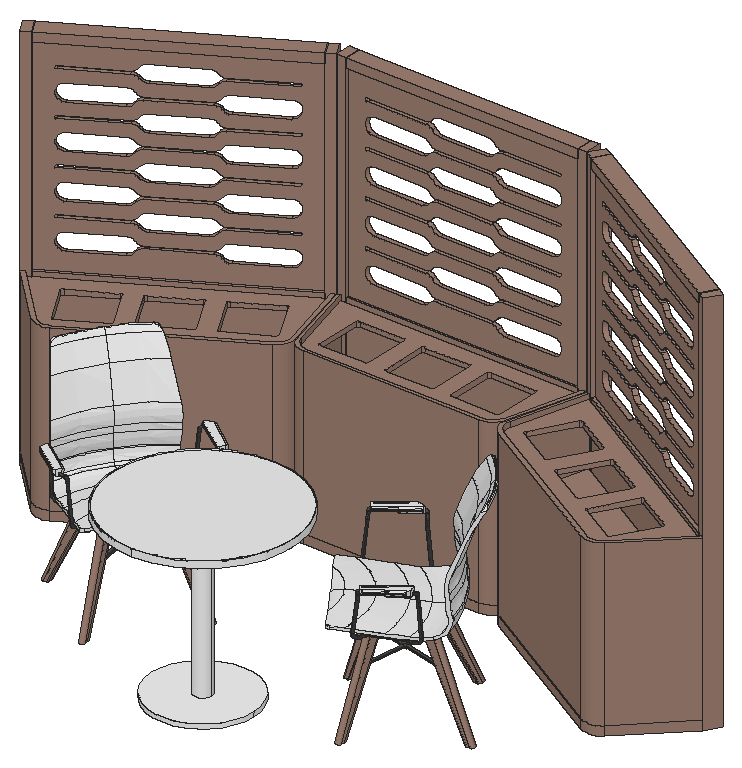
Revit family "OFS TYPICAL S200187", category Furniture, Revit 2022
Family settings
  OmniClass Number = 23.40.20.00
  OmniClass Title = General Furniture and Specialties
  Work Plane-Based = No
  Always vertical = Yes
  Cut with Voids When Loaded = No
  Render Appearance Source = Family Geometry
  Shared = No
  Room Calculation Point = No
Parameters (values of type "S200187")
  URL = "http://ofs.com/"
  Model = "S200187"
  Manufacturer = "OFS"
  Description = "OFS TYPICAL S200187"
  Default Elevation = 0' - 0"
  Copyright © = "©OFS 2024"
  Catalog = ""
  Authoring Version = "Autodesk Revit 2018"
  Assembly Code = "E2020200"
Reference planes
  plane 1 "Center Front/Back": y = 0
  plane 2: z = 0
  plane 3 "Center Left/Right": x = 0
Dimensions and locks
  nested 2 to nested 1 = 4' - 9.02251"
  aligned and locked: level to plane 2
Nested families
  nested 1: "OFS APPLAUSE ROUND TABLE WITH BASE A30R + MCB-17" at (0, -1017.704, 0), type "30in Round Table w Base"
  nested 2: "OFS HYDRA Tessellate Single Planters" at (0, -172.823, 0), type "Low Frame Single Planter Slat Infill - Wave"
  nested 3: "OFS HYDRA Tessellate Single Planters" at (-918.487, -418.627, 0) x (-0.866, -0.5, 0) z (0, 0, 1), type "Low Frame Single Planter Slat Infill - Wave"
  nested 4: "OFS HYDRA Tessellate Single Planters" at (918.487, -418.627, 0) x (0.866, -0.5, 0) z (0, 0, 1), type "Low Frame Single Planter Slat Infill - Wave"
  nested 5: "OFS HARPIN CHAIR - Plastic- 4 Legs Wood Base - Mid Back" at (567.429, -1068.987, 0) x (0.5736, -0.8192, 0) z (0, 0, 1), type "Plastic - 4 Legs Wood Base - Mid Back"
    with Arms Option yes
  nested 6: "OFS HARPIN CHAIR - Plastic- 4 Legs Wood Base - Mid Back" at (-567.429, -1068.987, 0) x (-0.5736, -0.8192, 0) z (0, 0, 1), type "Plastic - 4 Legs Wood Base - Mid Back"
    with Arms Option yes
Definition of nested family "OFS APPLAUSE ROUND TABLE WITH BASE A30R + MCB-17"
  Parameters (values of type "30in Round Table w Base")
    URL = "https://ofs.com/"
    Table Diameter = 2' - 6"
    Top Worksurface Finish = none
    Radius = Table Diameter / 2 - 0' 0 1/8"  # 1' - 2 7/8"
    Model = "A30R + MCB-17"
    Manufacturer = "OFS"
    Edge Finish = none
    Description = "OFS APPLAUSE 30\" Round Table Top with 17\" Round Base"
    Default Elevation = 0' - 0"
    Copyright © = "©OFS 2019"
    Catalog = "https://ofs.com/products/tables/training/applause"
    Base Finish = none
    Base Height = if(Table Diameter < 2' 1", 3' 5 1/4", 2' 3 3/4")  # 2' - 3 3/4"
    Base Depth = if(Table Diameter < 2' 7", 2' 0 3/8", if(Table Diameter < 3' 1", 2' 6 3/8", 3' 0 7/8"))  # 2' - 0 3/8"
    Authoring Version = "Autodesk Revit Architecture 2015"
    Assembly Code = "E2020200"
  Reference planes
    plane 1: z = 0
    plane 2 "Center Left/Right": x = 0
    plane 3 "SURFACE TOP": z = 733.425
    plane 4 "BASE HEIGHT": z = 704.85
    plane 5 "FRONT": y = -381.241
    plane 6: x = 381
    plane 7: x = -381
    plane 8: z = 19.05
    plane 9: z = 700.25
  Forms (mm)
    Sweep 1, solid, material <- "Edge Finish"
      path origin (0, 0, 704.85) x (0, 1, 0) y (-1, 0, 0)
        loop
          circle (-381.241, 0) r 377.825
      profile origin (-377.825, -381.241, 704.85) x (1, 0, 0) y (0, 0, 1)
        loop
          line (0, 3.175) -> (0, 25.4)
          arc (0, 25.4) -> (-0.93, 27.645) -> (-3.175, 28.575) r 3.175
          line (-3.175, 28.575) -> (-3.175, 0)
          arc (-3.175, 0) -> (-0.93, 0.93) -> (0, 3.175) r 3.175
    Extrusion 2, solid, material <- "Top Worksurface Finish"
      sketch origin (0, 0, 704.85) x (0, 1, 0) y (-1, 0, 0)
        loop
          circle (-381.241, 0) r 377.825
      from 0 to 28.575
    Extrusion 3, solid, material <- "Base Finish"
      sketch origin (0, 0, 0) x (1, 0, 0) y (0, 1, 0)
        loop
          circle (0.045, -381.287) r 215.9
      from 0 to 19.05
    Extrusion 4, solid, material <- "Base Finish"
      sketch origin (0, 0, 0) x (1, 0, 0) y (0, 1, 0)
        loop
          circle (0.033, -381.241) r 38.1
      from 19.05 to 700.25
    Extrusion 5, solid, material <- "Base Finish"
      sketch origin (0, 0, 704.85) x (0, 1, 0) y (-1, 0, 0)
        loop
          line (-228.841, 152.4) -> (-533.641, 152.4) -> (-533.641, -152.4) -> (-228.841, -152.4) -> (-228.841, 152.4)
      from -4.6 to 0
  Cuts and joins
    joined: Extrusion 3, Extrusion 4, Extrusion 5
  Lines and regions (mm)
    Masking region 1
      outline origin (0, 0, 0) x (1, 0, 0) y (0, 1, 0)
        loop
          circle (0, -381.241) r 381
  Dimensions and locks
    "Base Height": plane 4 "BASE HEIGHT" to plane 1
    "Table Diameter": plane 7 to plane 6
    equal spacing: plane 7, plane 2 "Center Left/Right", plane 6
    locked: plane 8 to plane 1 at 19.05
    plane 3 "SURFACE TOP" to plane 4 "BASE HEIGHT" to plane 9 = 0' - 1 1/8" locked, 0' - 0.18111" locked
    "Radius": radius of Sweep 1 sketch curve
    "Radius": radius of Extrusion 2 sketch curve
    aligned and locked: Extrusion 2 to plane 4 "BASE HEIGHT"
    aligned and locked: plane 3 "SURFACE TOP" to Extrusion 2
    aligned and locked: plane 6 to Masking region 1 sketch curve
    aligned and locked: plane 7 to Masking region 1 sketch curve
    aligned and locked: Extrusion 2 to plane 3 "SURFACE TOP"
    aligned and locked: plane 4 "BASE HEIGHT" to Sweep 1
    aligned and locked: Extrusion 3 to plane 1
    aligned and locked: plane 8 to Extrusion 3
    aligned and locked: plane 4 "BASE HEIGHT" to Extrusion 5
    aligned and locked: Extrusion 5 to plane 9
    aligned and locked: Extrusion 4 to plane 8
    aligned and locked: plane 9 to Extrusion 4
  Automatic sketch dimensions
    Sweep 1 sketch curve to plane 4 "BASE HEIGHT" = 0' - 0"  (x2)
    Sweep 1 sketch curve to profile plane = 0' - 0"
    profile plane to Sweep 1 sketch curve = 0' - 0 1/8"  (x2)
    Sweep 1 sketch curve to Sweep 1 sketch curve = 0' - 0"  (x2)
    Sweep 1 sketch curve to Sweep 1 sketch curve = 0' - 0 7/8"
    Sweep 1 sketch curve to plane 2 "Center Left/Right" = 0' - 0"
    plane 5 "FRONT" to Sweep 1 sketch curve = 0' - 0"
    Extrusion 2 sketch curve to plane 2 "Center Left/Right" = 0' - 0"
    plane 5 "FRONT" to Extrusion 2 sketch curve = 0' - 0"
    Masking region 1 sketch curve to Masking region 1 sketch curve = 0' - 0"
    plane 5 "FRONT" to Masking region 1 sketch curve = 0' - 0"
    plane 5 "FRONT" to Extrusion 4 sketch curve = 0' - 0"
    plane 2 "Center Left/Right" to Extrusion 4 sketch curve = 0' - 0.00129"
    plane 5 "FRONT" to Extrusion 5 sketch curve = 0' - 6"
    Extrusion 5 sketch curve to plane 5 "FRONT" = 0' - 6"
    plane 2 "Center Left/Right" to Extrusion 5 sketch curve = 0' - 6"
    Extrusion 5 sketch curve to plane 2 "Center Left/Right" = 0' - 6"
    plane 2 "Center Left/Right" to Extrusion 3 sketch curve = 0' - 0.00179"
    plane 5 "FRONT" to Extrusion 3 sketch curve = 0' - 0.00179"
    radius of Extrusion 4 sketch curve = 0' - 1 1/2"
    radius of Extrusion 3 sketch curve = 0' - 8 1/2"
Definition of nested family "OFS HYDRA Tessellate Single Planters"
  Parameters (values of type "Low Frame Single Planter Metal Infill")
    Width = 42' - 0"
    WAVE Low = no
    WAVE High = no
    URL = "https://ofs.com/"
    Metal Frame Low = yes
    Metal Frame High = no
    Panel Low = no
    Panel High = no
    Metal Frame Bottom = yes
    Mesh Material = none
    Low Wire Frame = yes
    Low Frame = yes
    Metal Frame = none
    High Wire Frame = no
    HZTL Low = no
    HZTL High = no
    Grill Frame = no
    High Frame = no
    Default Elevation = 0' - 0"
    DIAG Low = no
    DIAG High = no
    Chasis Material = none
    Model = "HY-4218M-72"
    Manufacturer = "OFS"
    Leg Glides Material = none
    Height = 65' - 6"
    Description = "OFS HYDRA Tessellate Low Frame Single Planter Metal Infill"
    Depth = 17' - 6"
    Copyright © = "©OFS 2023"
    Catalog = ""
    CIRC Low = no
    CIRC High = no
    Authoring Version = "Autodesk Revit Architecture 2015"
    Assembly Code = "E2020200"
    Panel Material = none
  Types (16): name | WAVE Low | WAVE High | Metal Frame Low | Metal Frame High | Panel Low | Panel High | Metal Frame Bottom | Low Wire Frame | Low Frame | High Wire Frame | HZTL Low | HZTL High | Grill Frame | High Frame | DIAG Low | DIAG High | Model | Height | Description | CIRC Low | CIRC High
    Low Frame Single Planter Slat Infill - Wave | yes | no | no | no | no | no | no | no | yes | no | no | no | no | no | no | no | "HY-4218MS-72" | 65' - 6" | "OFS HYDRA Tessellate Low Frame Single Planter Slat Infill" | no | no
    High Frame Single Planter Slat Infill - Wave | no | yes | no | no | no | no | no | no | no | no | no | no | no | yes | no | no | "HY-4218MS-90" | 83' - 6" | "OFS HYDRA Tessellate High Frame Single Planter Slat Infill" | no | no
    Low Frame Single Planter Metal Infill | no | no | yes | no | no | no | yes | yes | yes | no | no | no | no | no | no | no | "HY-4218M-72" | 65' - 6" | "OFS HYDRA Tessellate Low Frame Single Planter Metal Infill" | no | no
    High Frame Single Planter Metal Infill | no | no | no | yes | no | no | yes | yes | no | yes | no | no | no | yes | no | no | "HY-4218M-90" | 83' - 6" | "OFS HYDRA Tessellate High Frame Single Planter Metal Infill" | no | no
    Low Frame Single Planter Grill infill - Veneer/Paint Low | no | no | no | no | yes | no | no | no | yes | no | no | no | yes | no | no | no | "HY-4218V-72" | 65' - 6" | "OFS HYDRA Tessellate Low Frame Single Planter Grill infill - Veneer/Paint Low" | no | no
    High Frame Single Planter Grill infill - Veneer/Paint High | no | no | no | no | no | yes | no | no | yes | no | no | no | yes | yes | no | no | "HY-4218V-90" | 83' - 6" | "OFS HYDRA Tessellate High Frame Single Planter Grill infill - Veneer/Paint High" | no | no
    High Frame Single Planter Grill infill - HPL | no | no | no | no | no | yes | no | no | yes | no | no | no | yes | yes | no | no | "HY-4218L-90" | 83' - 6" | "OFS HYDRA Tessellate High Frame Single Planter Grill infill - HPL" | no | no
    Low Frame Single Planter Grill infill - HPL | no | no | no | no | yes | no | no | no | yes | no | no | no | yes | no | no | no | "HY-4218L-72" | 65' - 6" | "OFS HYDRA Tessellate Low Frame Single Planter Grill infill - HPL" | no | no
    Low Frame Single Planter Grill infill - Acrylic | no | no | no | no | yes | no | no | no | yes | no | no | no | yes | no | no | no | "HY-4218A-72" | 65' - 6" | "OFS HYDRA Tessellate Low Frame Single Planter Grill infill - Acrylic" | no | no
    High Frame Single Planter Grill infill - Acrylic | no | no | no | no | no | yes | no | no | yes | no | no | no | yes | yes | no | no | "HY-4218A-90" | 83' - 6" | "OFS HYDRA Tessellate High Frame Single Planter Grill infill - Acrylic" | no | no
    Low Frame Single Planter Slat Infill - Diagonal | no | no | no | no | no | no | no | no | yes | no | no | no | no | no | yes | no | "HY-4218MS-72" | 65' - 6" | "OFS HYDRA Tessellate Low Frame Single Planter Slat Infill" | no | no
    Low Frame Single Planter Slat Infill - Circles | no | no | no | no | no | no | no | no | yes | no | no | no | no | no | no | no | "HY-4218MS-72" | 65' - 6" | "OFS HYDRA Tessellate Low Frame Single Planter Slat Infill" | yes | no
    Low Frame Single Planter Slat Infill - Horizontal | no | no | no | no | no | no | no | no | yes | no | yes | no | no | no | no | no | "HY-4218MS-72" | 65' - 6" | "OFS HYDRA Tessellate Low Frame Single Planter Slat Infill" | no | no
    High Frame Single Planter Slat Infill - Diagonal | no | no | no | no | no | no | no | no | no | no | no | no | no | yes | no | yes | "HY-4218MS-90" | 83' - 6" | "OFS HYDRA Tessellate High Frame Single Planter Slat Infill" | no | no
    High Frame Single Planter Slat Infill - Circles | no | no | no | no | no | no | no | no | no | no | no | no | no | yes | no | no | "HY-4218MS-90" | 83' - 6" | "OFS HYDRA Tessellate High Frame Single Planter Slat Infill" | no | yes
    High Frame Single Planter Slat Infill - Horizontal | no | no | no | no | no | no | no | no | no | no | no | yes | no | yes | no | no | "HY-4218MS-90" | 83' - 6" | "OFS HYDRA Tessellate High Frame Single Planter Slat Infill" | no | no
  Reference planes
    plane 1 "Center Front/Back": y = 0
    plane 2: z = 0
    plane 3 "Center Left/Right": x = 0
    plane 4: x = -533.003
    plane 5: x = 533.003
    plane 6: x = 533.003
    plane 7: x = -533.003
    plane 8: y = 222.25
    plane 9: y = -222.25
  Forms (mm)
    Extrusion 1, solid, material <- "Metal Frame", visible <- "Metal Frame Low"
      sketch origin (-1214.788, 173.762, 1131.491) x (0, 0, -1) y (0, 1, 0)
        loop
          arc (-480.616, 23.831) -> (-481.201, 25.246) -> (-482.616, 25.831) r 2
          line (-482.616, 25.831) -> (-491.229, 25.831)
          arc (-491.229, 25.831) -> (-492.643, 25.246) -> (-493.229, 23.831) r 2
          line (-493.229, 23.831) -> (-493.229, -10.269)
          arc (-493.229, -10.269) -> (-492.643, -11.683) -> (-491.229, -12.269) r 2
          line (-491.229, -12.269) -> (-482.616, -12.269)
          arc (-482.616, -12.269) -> (-481.201, -11.683) -> (-480.616, -10.269) r 2
          line (-480.616, -10.269) -> (-480.616, 23.831)
      from 720.679 to 1708.898
    Extrusion 2, solid, material <- "Metal Frame", visible <- "Metal Frame Bottom"
      sketch origin (-1214.788, 175.655, 268.684) x (0, 0, -1) y (0, 1, 0)
        loop
          arc (-480.616, 21.939) -> (-481.201, 23.353) -> (-482.616, 23.939) r 2
          line (-482.616, 23.939) -> (-491.229, 23.939)
          arc (-491.229, 23.939) -> (-492.643, 23.353) -> (-493.229, 21.939) r 2
          line (-493.229, 21.939) -> (-493.229, -12.161)
          arc (-493.229, -12.161) -> (-492.643, -13.576) -> (-491.229, -14.161) r 2
          line (-491.229, -14.161) -> (-482.616, -14.161)
          arc (-482.616, -14.161) -> (-481.201, -13.576) -> (-480.616, -12.161) r 2
          line (-480.616, -12.161) -> (-480.616, 21.939)
      from 733.379 to 1696.198
    Extrusion 3, solid, material <- "Metal Frame", visible <- "Metal Frame Low"
      sketch origin (0, 173.762, 0) x (1, 0, 0) y (0, 1, 0)
        loop
          arc (-481.409, 23.831) -> (-481.995, 25.246) -> (-483.409, 25.831) r 2
          line (-483.409, 25.831) -> (-492.109, 25.831)
          arc (-492.109, 25.831) -> (-493.524, 25.246) -> (-494.109, 23.831) r 2
          line (-494.109, 23.831) -> (-494.109, -10.269)
          arc (-494.109, -10.269) -> (-493.524, -11.683) -> (-492.109, -12.269) r 2
          line (-492.109, -12.269) -> (-483.409, -12.269)
          arc (-483.409, -12.269) -> (-481.995, -11.683) -> (-481.409, -10.269) r 2
          line (-481.409, -10.269) -> (-481.409, 23.831)
      from 749.3 to 1612.106
    Extrusion 4, solid, material <- "Metal Frame", visible <- "Metal Frame Low"
      sketch origin (0, 173.762, 0) x (-1, 0, 0) y (0, -1, 0)
        loop
          line (-481.409, -23.831) -> (-481.409, 10.269)
          arc (-481.409, 10.269) -> (-481.995, 11.683) -> (-483.409, 12.269) r 2
          line (-483.409, 12.269) -> (-492.109, 12.269)
          arc (-492.109, 12.269) -> (-493.524, 11.683) -> (-494.109, 10.269) r 2
          line (-494.109, 10.269) -> (-494.109, -23.831)
          arc (-494.109, -23.831) -> (-493.524, -25.246) -> (-492.109, -25.831) r 2
          line (-492.109, -25.831) -> (-483.409, -25.831)
          arc (-483.409, -25.831) -> (-481.995, -25.246) -> (-481.409, -23.831) r 2
      from 749.3 to 1612.106
    Extrusion 5, solid, material <- "Metal Frame", visible <- "Metal Frame High"
      sketch origin (0, 173.762, 0) x (1, 0, 0) y (0, 1, 0)
        loop
          arc (-481.409, 23.831) -> (-481.995, 25.246) -> (-483.409, 25.831) r 2
          line (-483.409, 25.831) -> (-492.109, 25.831)
          arc (-492.109, 25.831) -> (-493.524, 25.246) -> (-494.109, 23.831) r 2
          line (-494.109, 23.831) -> (-494.109, -10.269)
          arc (-494.109, -10.269) -> (-493.524, -11.683) -> (-492.109, -12.269) r 2
          line (-492.109, -12.269) -> (-483.409, -12.269)
          arc (-483.409, -12.269) -> (-481.995, -11.683) -> (-481.409, -10.269) r 2
          line (-481.409, -10.269) -> (-481.409, 23.831)
      from 749.3 to 2068.376
    Extrusion 6, solid, material <- "Metal Frame", visible <- "Metal Frame High"
      sketch origin (0, 173.762, 0) x (-1, 0, 0) y (0, -1, 0)
        loop
          line (-481.409, -23.831) -> (-481.409, 10.269)
          arc (-481.409, 10.269) -> (-481.995, 11.683) -> (-483.409, 12.269) r 2
          line (-483.409, 12.269) -> (-492.109, 12.269)
          arc (-492.109, 12.269) -> (-493.524, 11.683) -> (-494.109, 10.269) r 2
          line (-494.109, 10.269) -> (-494.109, -23.831)
          arc (-494.109, -23.831) -> (-493.524, -25.246) -> (-492.109, -25.831) r 2
          line (-492.109, -25.831) -> (-483.409, -25.831)
          arc (-483.409, -25.831) -> (-481.995, -25.246) -> (-481.409, -23.831) r 2
      from 749.3 to 2068.376
    Extrusion 7, solid, material <- "Metal Frame", visible <- "Metal Frame High"
      sketch origin (-1214.788, 173.731, 1549.71) x (0, 0, -1) y (0, 1, 0)
        loop
          arc (-518.541, 23.831) -> (-519.127, 25.246) -> (-520.541, 25.831) r 2
          line (-520.541, 25.831) -> (-530.775, 25.831)
          arc (-530.775, 25.831) -> (-532.189, 25.246) -> (-532.775, 23.831) r 2
          line (-532.775, 23.831) -> (-532.775, -10.238)
          arc (-532.775, -10.238) -> (-532.189, -11.652) -> (-530.775, -12.238) r 2
          line (-530.775, -12.238) -> (-520.541, -12.238)
          arc (-520.541, -12.238) -> (-519.127, -11.652) -> (-518.541, -10.238) r 2
          line (-518.541, -10.238) -> (-518.541, 23.831)
      from 720.679 to 1708.898
    Extrusion 8, solid, material <- "Chasis Material", visible <- "Grill Frame"
      sketch origin (0, 0, 0) x (0, 1, 0) y (0, 0, 1)
        loop
          line (152.4, 1167.606) -> (222.25, 1167.606) -> (222.25, 1206.5) -> (152.4, 1206.5) -> (152.4, 1167.606)
      from -494.109 to 494.109
    Extrusion 9, solid, material <- "Panel Material", visible <- "Panel Low"
      sketch origin (0, 0, 0) x (1, 0, 0) y (0, 0, 1)
        loop
          line (494.109, 1624.806) -> (-494.109, 1624.806) -> (-494.109, 749.3) -> (494.109, 749.3) -> (494.109, 1624.806)
      from -184.15 to -165.1
    Extrusion 10, solid, material <- "Panel Material", visible <- "Panel High"
      sketch origin (0, 0, 0) x (1, 0, 0) y (0, 0, 1)
        loop
          line (494.109, 2081.919) -> (-494.109, 2081.919) -> (-494.109, 749.3) -> (494.109, 749.3) -> (494.109, 2081.919)
      from -184.15 to -165.1
    Extrusion 11, solid, material <- "Chasis Material", visible <- "Low Frame"
      sketch origin (0, 184.15, 0) x (1, 0, 0) y (0, 0, 1)
        loop
          line (-533.003, 12.7) -> (-494.109, 12.7) -> (-494.109, 1663.7) -> (-533.003, 1663.7) -> (-533.003, 12.7)
      from -38.1 to 31.75
    Extrusion 12, solid, material <- "Chasis Material", visible <- "Low Frame"
      sketch origin (0, 184.15, 0) x (-1, 0, 0) y (0, 0, -1)
        loop
          line (-533.003, -12.7) -> (-533.003, -1663.7) -> (-494.109, -1663.7) -> (-494.109, -12.7) -> (-533.003, -12.7)
      from -38.1 to 31.75
    Extrusion 13, solid, material <- "Chasis Material", visible <- "High Frame"
      sketch origin (0, 184.15, 0) x (1, 0, 0) y (0, 0, 1)
        loop
          line (-533.003, 12.7) -> (-494.109, 12.7) -> (-494.109, 2120.9) -> (-533.003, 2120.9) -> (-533.003, 12.7)
      from -38.1 to 31.75
    Extrusion 14, solid, material <- "Chasis Material", visible <- "High Frame"
      sketch origin (0, 184.15, 0) x (-1, 0, 0) y (0, 0, -1)
        loop
          line (-533.003, -12.7) -> (-533.003, -2120.9) -> (-494.109, -2120.9) -> (-494.109, -12.7) -> (-533.003, -12.7)
      from -38.1 to 31.75
    Extrusion 15, solid, material <- "Chasis Material", visible <- "Low Frame"
      sketch origin (0, 0, 457.2) x (0, 1, 0) y (0, 0, 1)
        loop
          line (152.4, 1167.606) -> (222.25, 1167.606) -> (222.25, 1206.5) -> (152.4, 1206.5) -> (152.4, 1167.606)
      from -494.109 to 494.109
    Extrusion 16, solid, material <- "Chasis Material", visible <- "High Frame"
      sketch origin (0, 0, 914.4) x (0, 1, 0) y (0, 0, 1)
        loop
          line (152.4, 1167.606) -> (222.25, 1167.606) -> (222.25, 1206.5) -> (152.4, 1206.5) -> (152.4, 1167.606)
      from -494.109 to 494.109
    Extrusion 17, solid, material <- "Chasis Material"
      sketch origin (0, 0, 0) x (1, 0, 0) y (0, 1, 0)
        loop
          line (-533.003, 152.4) -> (-447.749, -165.772)
          arc (-447.749, -165.772) -> (-420.533, -206.504) -> (-374.146, -222.25) r 76.2
          line (-374.146, -222.25) -> (374.146, -222.25)
          arc (374.146, -222.25) -> (420.533, -206.504) -> (447.749, -165.772) r 76.2
          line (447.749, -165.772) -> (533.003, 152.4) -> (-533.003, 152.4)
      from 12.7 to 51.594
    Extrusion 18, solid, material <- "Chasis Material"
      sketch origin (0, 0, 0) x (1, 0, 0) y (0, 1, 0)
        loop
          line (-533.003, 152.4) -> (-447.749, -165.772)
          arc (-447.749, -165.772) -> (-420.533, -206.504) -> (-374.146, -222.25) r 76.2
          line (-374.146, -222.25) -> (374.146, -222.25)
          arc (374.146, -222.25) -> (420.533, -206.504) -> (447.749, -165.772) r 76.2
          line (447.749, -165.772) -> (533.003, 152.4) -> (516.568, 152.4) -> (432.415, -161.663)
          arc (432.415, -161.663) -> (410.869, -193.909) -> (374.146, -206.375) r 60.325
          line (374.146, -206.375) -> (-374.146, -206.375)
          arc (-374.146, -206.375) -> (-410.869, -193.909) -> (-432.415, -161.663) r 60.325
          line (-432.415, -161.663) -> (-516.568, 152.4) -> (-533.003, 152.4)
      from 51.594 to 749.3
    Extrusion 19, solid, material <- "Chasis Material"
      sketch origin (0, 0, 0) x (0, 1, 0) y (0, 0, 1)
        loop
          line (152.4, 710.406) -> (222.25, 710.406) -> (222.25, 749.3) -> (152.4, 749.3) -> (152.4, 710.406)
      from -494.109 to 494.109
    Extrusion 20, solid, material <- "Chasis Material"
      sketch origin (0, 0, -697.706) x (0, 1, 0) y (0, 0, 1)
        loop
          line (152.4, 710.406) -> (222.25, 710.406) -> (222.25, 749.3) -> (152.4, 749.3) -> (152.4, 710.406)
      from -494.109 to 494.109
    Extrusion 21, solid, material <- "Chasis Material"
      sketch origin (0, 0, 0) x (0, 1, 0) y (0, 0, 1)
        loop
          line (172.823, 51.594) -> (172.823, 710.406) -> (152.4, 710.406) -> (152.4, 51.594) -> (172.823, 51.594)
      from -494.109 to 494.109
    Extrusion 22, solid, material <- "Chasis Material"
      sketch origin (0, 0, 0) x (1, 0, 0) y (0, 1, 0)
        loop
          line (-516.568, 152.4) -> (-432.415, -161.663)
          arc (-432.415, -161.663) -> (-410.869, -193.909) -> (-374.146, -206.375) r 60.325
          line (-374.146, -206.375) -> (374.146, -206.375)
          arc (374.146, -206.375) -> (410.869, -193.909) -> (432.415, -161.663) r 60.325
          line (432.415, -161.663) -> (516.568, 152.4) -> (-516.568, 152.4)
      from 446.2 to 465.25
    Extrusion 23, solid, material <- "Chasis Material"
      sketch origin (0, 0, 0) x (1, 0, 0) y (0, 1, 0)
        loop
          arc (-375.444, 77.788) -> (-382.179, 74.998) -> (-384.969, 68.263) r 9.525
          line (-384.969, 68.263) -> (-384.969, -122.237)
          arc (-384.969, -122.237) -> (-382.179, -128.973) -> (-375.444, -131.762) r 9.525
          line (-375.444, -131.762) -> (-184.944, -131.762)
          arc (-184.944, -131.762) -> (-178.209, -128.973) -> (-175.419, -122.237) r 9.525
          line (-175.419, -122.237) -> (-175.419, 68.263)
          arc (-175.419, 68.263) -> (-178.209, 74.998) -> (-184.944, 77.788) r 9.525
          line (-184.944, 77.788) -> (-375.444, 77.788)
        loop
          arc (-95.25, 77.788) -> (-101.985, 74.998) -> (-104.775, 68.263) r 9.525
          line (-104.775, 68.263) -> (-104.775, -122.238)
          arc (-104.775, -122.238) -> (-101.985, -128.973) -> (-95.25, -131.762) r 9.525
          line (-95.25, -131.762) -> (95.25, -131.762)
          arc (95.25, -131.762) -> (101.985, -128.973) -> (104.775, -122.237) r 9.525
          line (104.775, -122.237) -> (104.775, 68.263)
          arc (104.775, 68.263) -> (101.985, 74.998) -> (95.25, 77.788) r 9.525
          line (95.25, 77.788) -> (-95.25, 77.788)
        loop
          arc (184.944, 77.788) -> (178.209, 74.998) -> (175.419, 68.263) r 9.525
          line (175.419, 68.263) -> (175.419, -122.237)
          arc (175.419, -122.237) -> (178.209, -128.973) -> (184.944, -131.762) r 9.525
          line (184.944, -131.762) -> (375.444, -131.762)
          arc (375.444, -131.762) -> (382.179, -128.973) -> (384.969, -122.237) r 9.525
          line (384.969, -122.237) -> (384.969, 68.263)
          arc (384.969, 68.263) -> (382.179, 74.998) -> (375.444, 77.788) r 9.525
          line (375.444, 77.788) -> (184.944, 77.788)
        loop
          arc (-432.415, -161.663) -> (-410.869, -193.909) -> (-374.146, -206.375) r 60.325
          line (-374.146, -206.375) -> (374.146, -206.375)
          arc (374.146, -206.375) -> (410.869, -193.909) -> (432.415, -161.663) r 60.325
          line (432.415, -161.663) -> (516.568, 152.4) -> (-516.568, 152.4) -> (-432.415, -161.663)
      from 710.406 to 730.25
    Revolve 24, solid, material <- "Leg Glides Material"
      sketch origin (-807.031, 188.996, 0) x (-1, 0, 0) y (0, 0, 1)
        loop
          line (-448.906, 6.35) -> (-448.906, 0) -> (-440.484, 0)
          arc (-440.484, 0) -> (-437.309, 3.175) -> (-440.484, 6.35) r 3.175
          line (-440.484, 6.35) -> (-448.906, 6.35)
        axis (-451.343, 6.35) -> (-451.343, 0)
      angle from 0 to 360
    Extrusion 25, solid, material <- "Leg Glides Material"
      sketch origin (-807.031, 310.789, 0) x (-1, 0, 0) y (0, -1, 0)
        loop
          line (-445.741, 130.755) -> (-456.43, 131.345) -> (-462.285, 122.383) -> (-457.451, 112.831) -> (-446.762, 112.241) -> (-440.907, 121.203) -> (-445.741, 130.755)
      from 1.675 to 12.7
    Revolve 26, solid, material <- "Leg Glides Material"
      sketch origin (807.031, 188.996, 0) x (1, 0, 0) y (0, 0, -1)
        loop
          line (-448.906, -6.35) -> (-440.484, -6.35)
          arc (-440.484, -6.35) -> (-437.309, -3.175) -> (-440.484, 0) r 3.175
          line (-440.484, 0) -> (-448.906, 0) -> (-448.906, -6.35)
        axis (-451.343, -6.35) -> (-451.343, 0)
      angle from 0 to 360
    Extrusion 27, solid, material <- "Leg Glides Material"
      sketch origin (807.031, 310.789, 0) x (1, 0, 0) y (0, 1, 0)
        loop
          line (-445.741, -130.755) -> (-440.907, -121.203) -> (-446.762, -112.241) -> (-457.451, -112.831) -> (-462.285, -122.383) -> (-456.43, -131.345) -> (-445.741, -130.755)
      from 1.675 to 12.7
    Revolve 28, solid, material <- "Leg Glides Material"
      sketch origin (-825.577, -145.967, 0) x (-1, 0, 0) y (0, 0, 1)
        loop
          line (-448.906, 6.35) -> (-448.906, 0) -> (-440.484, 0)
          arc (-440.484, 0) -> (-437.309, 3.175) -> (-440.484, 6.35) r 3.175
          line (-440.484, 6.35) -> (-448.906, 6.35)
        axis (-451.343, 6.35) -> (-451.343, 0)
      angle from 0 to 360
    Extrusion 29, solid, material <- "Leg Glides Material"
      sketch origin (-825.577, -24.174, 0) x (-1, 0, 0) y (0, -1, 0)
        loop
          line (-445.741, 130.755) -> (-456.43, 131.345) -> (-462.285, 122.383) -> (-457.451, 112.831) -> (-446.762, 112.241) -> (-440.907, 121.203) -> (-445.741, 130.755)
      from 1.675 to 12.7
    Revolve 30, solid, material <- "Leg Glides Material"
      sketch origin (825.577, -145.967, 0) x (1, 0, 0) y (0, 0, -1)
        loop
          line (-448.906, -6.35) -> (-440.484, -6.35)
          arc (-440.484, -6.35) -> (-437.309, -3.175) -> (-440.484, 0) r 3.175
          line (-440.484, 0) -> (-448.906, 0) -> (-448.906, -6.35)
        axis (-451.343, -6.35) -> (-451.343, 0)
      angle from 0 to 360
    Extrusion 31, solid, material <- "Leg Glides Material"
      sketch origin (825.577, -24.174, 0) x (1, 0, 0) y (0, 1, 0)
        loop
          line (-445.741, -130.755) -> (-440.907, -121.203) -> (-446.762, -112.241) -> (-457.451, -112.831) -> (-462.285, -122.383) -> (-456.43, -131.345) -> (-445.741, -130.755)
      from 1.675 to 12.7
    Extrusion 32, solid, material <- "Mesh Material", visible <- "Low Wire Frame"
      sketch origin (0, 165.1, -19.05) x (1, 0, 0) y (0, 1, 0)
        loop
          circle (-457.2, 17.412) r 1.747
      from 780.963 to 1631.156
    Extrusion 33, solid, material <- "Mesh Material", visible <- "Low Wire Frame"
      sketch origin (76.2, 165.1, -19.05) x (1, 0, 0) y (0, 1, 0)
        loop
          circle (-457.2, 17.412) r 1.747
      from 780.963 to 1631.156
    Extrusion 34, solid, material <- "Mesh Material", visible <- "Low Wire Frame"
      sketch origin (152.4, 165.1, -19.05) x (1, 0, 0) y (0, 1, 0)
        loop
          circle (-457.2, 17.412) r 1.747
      from 780.963 to 1631.156
    Extrusion 35, solid, material <- "Mesh Material", visible <- "Low Wire Frame"
      sketch origin (228.6, 165.1, -19.05) x (1, 0, 0) y (0, 1, 0)
        loop
          circle (-457.2, 17.412) r 1.747
      from 780.963 to 1631.156
    Extrusion 36, solid, material <- "Mesh Material", visible <- "Low Wire Frame"
      sketch origin (304.8, 165.1, -19.05) x (1, 0, 0) y (0, 1, 0)
        loop
          circle (-457.2, 17.412) r 1.747
      from 780.963 to 1631.156
    Extrusion 37, solid, material <- "Mesh Material", visible <- "Low Wire Frame"
      sketch origin (381, 165.1, -19.05) x (1, 0, 0) y (0, 1, 0)
        loop
          circle (-457.2, 17.412) r 1.747
      from 780.963 to 1631.156
    Extrusion 38, solid, material <- "Mesh Material", visible <- "Low Wire Frame"
      sketch origin (457.2, 165.1, -19.05) x (1, 0, 0) y (0, 1, 0)
        loop
          circle (-457.2, 17.412) r 1.747
      from 780.963 to 1631.156
    Extrusion 39, solid, material <- "Mesh Material", visible <- "Low Wire Frame"
      sketch origin (533.4, 165.1, -19.05) x (1, 0, 0) y (0, 1, 0)
        loop
          circle (-457.2, 17.412) r 1.747
      from 780.963 to 1631.156
    Extrusion 40, solid, material <- "Mesh Material", visible <- "Low Wire Frame"
      sketch origin (609.6, 165.1, -19.05) x (1, 0, 0) y (0, 1, 0)
        loop
          circle (-457.2, 17.412) r 1.747
      from 780.963 to 1631.156
    Extrusion 41, solid, material <- "Mesh Material", visible <- "Low Wire Frame"
      sketch origin (685.8, 165.1, -19.05) x (1, 0, 0) y (0, 1, 0)
        loop
          circle (-457.2, 17.412) r 1.747
      from 780.963 to 1631.156
    Extrusion 42, solid, material <- "Mesh Material", visible <- "Low Wire Frame"
      sketch origin (762, 165.1, -19.05) x (1, 0, 0) y (0, 1, 0)
        loop
          circle (-457.2, 17.412) r 1.747
      from 780.963 to 1631.156
    Extrusion 43, solid, material <- "Mesh Material", visible <- "Low Wire Frame"
      sketch origin (838.2, 165.1, -19.05) x (1, 0, 0) y (0, 1, 0)
        loop
          circle (-457.2, 17.412) r 1.747
      from 780.963 to 1631.156
    Extrusion 44, solid, material <- "Mesh Material", visible <- "Low Wire Frame"
      sketch origin (914.4, 165.1, -19.05) x (1, 0, 0) y (0, 1, 0)
        loop
          circle (-457.2, 17.412) r 1.747
      from 780.963 to 1631.156
    Extrusion 45, solid, material <- "Mesh Material", visible <- "High Wire Frame"
      sketch origin (0, 165.1, -19.05) x (1, 0, 0) y (0, 1, 0)
        loop
          circle (-457.2, 17.412) r 1.747
      from 780.963 to 2087.426
    Extrusion 46, solid, material <- "Mesh Material", visible <- "High Wire Frame"
      sketch origin (76.2, 165.1, -19.05) x (1, 0, 0) y (0, 1, 0)
        loop
          circle (-457.2, 17.412) r 1.747
      from 780.963 to 2087.426
    Extrusion 47, solid, material <- "Mesh Material", visible <- "High Wire Frame"
      sketch origin (152.4, 165.1, -19.05) x (1, 0, 0) y (0, 1, 0)
        loop
          circle (-457.2, 17.412) r 1.747
      from 780.963 to 2087.426
    Extrusion 48, solid, material <- "Mesh Material", visible <- "High Wire Frame"
      sketch origin (228.6, 165.1, -19.05) x (1, 0, 0) y (0, 1, 0)
        loop
          circle (-457.2, 17.412) r 1.747
      from 780.963 to 2087.426
    Extrusion 49, solid, material <- "Mesh Material", visible <- "High Wire Frame"
      sketch origin (304.8, 165.1, -19.05) x (1, 0, 0) y (0, 1, 0)
        loop
          circle (-457.2, 17.412) r 1.747
      from 780.963 to 2087.426
    Extrusion 50, solid, material <- "Mesh Material", visible <- "High Wire Frame"
      sketch origin (381, 165.1, -19.05) x (1, 0, 0) y (0, 1, 0)
        loop
          circle (-457.2, 17.412) r 1.747
      from 780.963 to 2087.426
    Extrusion 51, solid, material <- "Mesh Material", visible <- "High Wire Frame"
      sketch origin (457.2, 165.1, -19.05) x (1, 0, 0) y (0, 1, 0)
        loop
          circle (-457.2, 17.412) r 1.747
      from 780.963 to 2087.426
    Extrusion 52, solid, material <- "Mesh Material", visible <- "High Wire Frame"
      sketch origin (533.4, 165.1, -19.05) x (1, 0, 0) y (0, 1, 0)
        loop
          circle (-457.2, 17.412) r 1.747
      from 780.963 to 2087.426
    Extrusion 53, solid, material <- "Mesh Material", visible <- "High Wire Frame"
      sketch origin (609.6, 165.1, -19.05) x (1, 0, 0) y (0, 1, 0)
        loop
          circle (-457.2, 17.412) r 1.747
      from 780.963 to 2087.426
    Extrusion 54, solid, material <- "Mesh Material", visible <- "High Wire Frame"
      sketch origin (685.8, 165.1, -19.05) x (1, 0, 0) y (0, 1, 0)
        loop
          circle (-457.2, 17.412) r 1.747
      from 780.963 to 2087.426
    Extrusion 55, solid, material <- "Mesh Material", visible <- "High Wire Frame"
      sketch origin (762, 165.1, -19.05) x (1, 0, 0) y (0, 1, 0)
        loop
          circle (-457.2, 17.412) r 1.747
      from 780.963 to 2087.426
    Extrusion 56, solid, material <- "Mesh Material", visible <- "High Wire Frame"
      sketch origin (838.2, 165.1, -19.05) x (1, 0, 0) y (0, 1, 0)
        loop
          circle (-457.2, 17.412) r 1.747
      from 780.963 to 2087.426
    Extrusion 57, solid, material <- "Mesh Material", visible <- "High Wire Frame"
      sketch origin (914.4, 165.1, -19.05) x (1, 0, 0) y (0, 1, 0)
        loop
          circle (-457.2, 17.412) r 1.747
      from 780.963 to 2087.426
    Extrusion 58, solid, material <- "Mesh Material", visible <- "Low Wire Frame"
      sketch origin (0, 165.1, -31.75) x (0, 1, 0) y (0, 0, 1)
        loop
          circle (13.983, 1601.788) r 1.686
      from -494.109 to 494.109
    Extrusion 59, solid, material <- "Mesh Material", visible <- "High Wire Frame"
      sketch origin (0, 165.1, 425.45) x (0, 1, 0) y (0, 0, 1)
        loop
          circle (13.983, 1601.788) r 1.686
      from -494.109 to 494.109
    Extrusion 60, solid, material <- "Mesh Material", visible <- "High Wire Frame"
      sketch origin (0, 165.1, 349.25) x (0, 1, 0) y (0, 0, 1)
        loop
          circle (13.983, 1601.788) r 1.686
      from -494.109 to 494.109
    Extrusion 61, solid, material <- "Mesh Material", visible <- "High Wire Frame"
      sketch origin (0, 165.1, 273.05) x (0, 1, 0) y (0, 0, 1)
        loop
          circle (13.983, 1601.788) r 1.686
      from -494.109 to 494.109
    Extrusion 62, solid, material <- "Mesh Material", visible <- "High Wire Frame"
      sketch origin (0, 165.1, 196.85) x (0, 1, 0) y (0, 0, 1)
        loop
          circle (13.983, 1601.788) r 1.686
      from -494.109 to 494.109
    Extrusion 63, solid, material <- "Mesh Material", visible <- "High Wire Frame"
      sketch origin (0, 165.1, 120.65) x (0, 1, 0) y (0, 0, 1)
        loop
          circle (13.983, 1601.788) r 1.686
      from -494.109 to 494.109
    Extrusion 64, solid, material <- "Mesh Material", visible <- "Low Wire Frame"
      sketch origin (0, 165.1, -914.4) x (0, 1, 0) y (0, 0, 1)
        loop
          circle (13.983, 1601.788) r 1.686
      from -494.109 to 494.109
    Extrusion 65, solid, material <- "Mesh Material", visible <- "Low Wire Frame"
      sketch origin (0, 165.1, -107.95) x (0, 1, 0) y (0, 0, 1)
        loop
          circle (13.983, 1601.788) r 1.686
      from -494.109 to 494.109
    Extrusion 66, solid, material <- "Mesh Material", visible <- "Low Wire Frame"
      sketch origin (0, 165.1, -184.15) x (0, 1, 0) y (0, 0, 1)
        loop
          circle (13.983, 1601.788) r 1.686
      from -494.109 to 494.109
    Extrusion 67, solid, material <- "Mesh Material", visible <- "Low Wire Frame"
      sketch origin (0, 165.1, -260.35) x (0, 1, 0) y (0, 0, 1)
        loop
          circle (13.983, 1601.788) r 1.686
      from -494.109 to 494.109
    Extrusion 68, solid, material <- "Mesh Material", visible <- "Low Wire Frame"
      sketch origin (0, 165.1, -336.55) x (0, 1, 0) y (0, 0, 1)
        loop
          circle (13.983, 1601.788) r 1.686
      from -494.109 to 494.109
    Extrusion 69, solid, material <- "Mesh Material", visible <- "Low Wire Frame"
      sketch origin (0, 165.1, -412.75) x (0, 1, 0) y (0, 0, 1)
        loop
          circle (13.983, 1601.788) r 1.686
      from -494.109 to 494.109
    Extrusion 70, solid, material <- "Mesh Material", visible <- "Low Wire Frame"
      sketch origin (0, 165.1, -488.95) x (0, 1, 0) y (0, 0, 1)
        loop
          circle (13.983, 1601.788) r 1.686
      from -494.109 to 494.109
    Extrusion 71, solid, material <- "Mesh Material", visible <- "Low Wire Frame"
      sketch origin (0, 165.1, -565.15) x (0, 1, 0) y (0, 0, 1)
        loop
          circle (13.983, 1601.788) r 1.686
      from -494.109 to 494.109
    Extrusion 72, solid, material <- "Mesh Material", visible <- "Low Wire Frame"
      sketch origin (0, 165.1, -641.35) x (0, 1, 0) y (0, 0, 1)
        loop
          circle (13.983, 1601.788) r 1.686
      from -494.109 to 494.109
    Extrusion 73, solid, material <- "Mesh Material", visible <- "Low Wire Frame"
      sketch origin (0, 165.1, -717.55) x (0, 1, 0) y (0, 0, 1)
        loop
          circle (13.983, 1601.788) r 1.686
      from -494.109 to 494.109
    Extrusion 74, solid, material <- "Mesh Material", visible <- "Low Wire Frame"
      sketch origin (0, 165.1, -793.75) x (0, 1, 0) y (0, 0, 1)
        loop
          circle (13.983, 1601.788) r 1.686
      from -494.109 to 494.109
    Extrusion 75, solid, material <- "Mesh Material", visible <- "High Wire Frame"
      sketch origin (0, 165.1, 44.45) x (0, 1, 0) y (0, 0, 1)
        loop
          circle (13.983, 1601.788) r 1.686
      from -494.109 to 494.109
    Extrusion 76, solid, material <- "Panel Material", visible <- "HZTL High"
      sketch origin (0, 0, 0) x (1, 0, 0) y (0, 0, 1)
        loop
          line (494.109, 2081.919) -> (-494.109, 2081.919) -> (-494.109, 749.3) -> (494.109, 749.3) -> (494.109, 2081.919)
        loop
          arc (-405.209, 1441.053) -> (-414.19, 1437.333) -> (-417.909, 1428.353) r 12.7
          line (-417.909, 1428.353) -> (-417.909, 1390.253)
          arc (-417.909, 1390.253) -> (-414.19, 1381.273) -> (-405.209, 1377.553) r 12.7
          line (-405.209, 1377.553) -> (405.209, 1377.553)
          arc (405.209, 1377.553) -> (414.19, 1381.273) -> (417.909, 1390.253) r 12.7
          line (417.909, 1390.253) -> (417.909, 1428.353)
          arc (417.909, 1428.353) -> (414.19, 1437.333) -> (405.209, 1441.053) r 12.7
          line (405.209, 1441.053) -> (-405.209, 1441.053)
        loop
          arc (-405.209, 1580.753) -> (-414.19, 1577.033) -> (-417.909, 1568.053) r 12.7
          line (-417.909, 1568.053) -> (-417.909, 1529.953)
          arc (-417.909, 1529.953) -> (-414.19, 1520.973) -> (-405.209, 1517.253) r 12.7
          line (-405.209, 1517.253) -> (405.209, 1517.253)
          arc (405.209, 1517.253) -> (414.19, 1520.973) -> (417.909, 1529.953) r 12.7
          line (417.909, 1529.953) -> (417.909, 1568.053)
          arc (417.909, 1568.053) -> (414.19, 1577.033) -> (405.209, 1580.753) r 12.7
          line (405.209, 1580.753) -> (-405.209, 1580.753)
        loop
          arc (-405.209, 1301.353) -> (-414.19, 1297.633) -> (-417.909, 1288.653) r 12.7
          line (-417.909, 1288.653) -> (-417.909, 1250.553)
          arc (-417.909, 1250.553) -> (-414.19, 1241.573) -> (-405.209, 1237.853) r 12.7
          line (-405.209, 1237.853) -> (405.209, 1237.853)
          arc (405.209, 1237.853) -> (414.19, 1241.573) -> (417.909, 1250.553) r 12.7
          line (417.909, 1250.553) -> (417.909, 1288.653)
          arc (417.909, 1288.653) -> (414.19, 1297.633) -> (405.209, 1301.353) r 12.7
          line (405.209, 1301.353) -> (-405.209, 1301.353)
        loop
          arc (-405.209, 1021.953) -> (-414.19, 1018.233) -> (-417.909, 1009.253) r 12.7
          line (-417.909, 1009.253) -> (-417.909, 971.153)
          arc (-417.909, 971.153) -> (-414.19, 962.173) -> (-405.209, 958.453) r 12.7
          line (-405.209, 958.453) -> (405.209, 958.453)
          arc (405.209, 958.453) -> (414.19, 962.173) -> (417.909, 971.153) r 12.7
          line (417.909, 971.153) -> (417.909, 1009.253)
          arc (417.909, 1009.253) -> (414.19, 1018.233) -> (405.209, 1021.953) r 12.7
          line (405.209, 1021.953) -> (-405.209, 1021.953)
        loop
          arc (-405.209, 1161.653) -> (-414.19, 1157.933) -> (-417.909, 1148.953) r 12.7
          line (-417.909, 1148.953) -> (-417.909, 1110.853)
          arc (-417.909, 1110.853) -> (-414.19, 1101.873) -> (-405.209, 1098.153) r 12.7
          line (-405.209, 1098.153) -> (405.209, 1098.153)
          arc (405.209, 1098.153) -> (414.19, 1101.873) -> (417.909, 1110.853) r 12.7
          line (417.909, 1110.853) -> (417.909, 1148.953)
          arc (417.909, 1148.953) -> (414.19, 1157.933) -> (405.209, 1161.653) r 12.7
          line (405.209, 1161.653) -> (-405.209, 1161.653)
        loop
          arc (-405.209, 882.253) -> (-414.19, 878.533) -> (-417.909, 869.553) r 12.7
          line (-417.909, 869.553) -> (-417.909, 831.453)
          arc (-417.909, 831.453) -> (-414.19, 822.473) -> (-405.209, 818.753) r 12.7
          line (-405.209, 818.753) -> (405.209, 818.753)
          arc (405.209, 818.753) -> (414.19, 822.473) -> (417.909, 831.453) r 12.7
          line (417.909, 831.453) -> (417.909, 869.553)
          arc (417.909, 869.553) -> (414.19, 878.533) -> (405.209, 882.253) r 12.7
          line (405.209, 882.253) -> (-405.209, 882.253)
        loop
          arc (-405.209, 1999.853) -> (-414.19, 1996.133) -> (-417.909, 1987.153) r 12.7
          line (-417.909, 1987.153) -> (-417.909, 1949.053)
          arc (-417.909, 1949.053) -> (-414.19, 1940.073) -> (-405.209, 1936.353) r 12.7
          line (-405.209, 1936.353) -> (405.209, 1936.353)
          arc (405.209, 1936.353) -> (414.19, 1940.073) -> (417.909, 1949.053) r 12.7
          line (417.909, 1949.053) -> (417.909, 1987.153)
          arc (417.909, 1987.153) -> (414.19, 1996.133) -> (405.209, 1999.853) r 12.7
          line (405.209, 1999.853) -> (-405.209, 1999.853)
        loop
          arc (-405.209, 1720.453) -> (-414.19, 1716.733) -> (-417.909, 1707.753) r 12.7
          line (-417.909, 1707.753) -> (-417.909, 1669.653)
          arc (-417.909, 1669.653) -> (-414.19, 1660.673) -> (-405.209, 1656.953) r 12.7
          line (-405.209, 1656.953) -> (405.209, 1656.953)
          arc (405.209, 1656.953) -> (414.19, 1660.673) -> (417.909, 1669.653) r 12.7
          line (417.909, 1669.653) -> (417.909, 1707.753)
          arc (417.909, 1707.753) -> (414.19, 1716.733) -> (405.209, 1720.453) r 12.7
          line (405.209, 1720.453) -> (-405.209, 1720.453)
        loop
          arc (-405.209, 1860.153) -> (-414.19, 1856.433) -> (-417.909, 1847.453) r 12.7
          line (-417.909, 1847.453) -> (-417.909, 1809.353)
          arc (-417.909, 1809.353) -> (-414.19, 1800.373) -> (-405.209, 1796.653) r 12.7
          line (-405.209, 1796.653) -> (405.209, 1796.653)
          arc (405.209, 1796.653) -> (414.19, 1800.373) -> (417.909, 1809.353) r 12.7
          line (417.909, 1809.353) -> (417.909, 1847.453)
          arc (417.909, 1847.453) -> (414.19, 1856.433) -> (405.209, 1860.153) r 12.7
          line (405.209, 1860.153) -> (-405.209, 1860.153)
      from -184.15 to -165.1
    Extrusion 77, solid, material <- "Panel Material", visible <- "HZTL Low"
      sketch origin (0, 0, 0) x (1, 0, 0) y (0, 0, 1)
        loop
          line (494.109, 1624.806) -> (-494.109, 1624.806) -> (-494.109, 749.3) -> (494.109, 749.3) -> (494.109, 1624.806)
        loop
          arc (-405.209, 1441.053) -> (-414.19, 1437.333) -> (-417.909, 1428.353) r 12.7
          line (-417.909, 1428.353) -> (-417.909, 1390.253)
          arc (-417.909, 1390.253) -> (-414.19, 1381.273) -> (-405.209, 1377.553) r 12.7
          line (-405.209, 1377.553) -> (405.209, 1377.553)
          arc (405.209, 1377.553) -> (414.19, 1381.273) -> (417.909, 1390.253) r 12.7
          line (417.909, 1390.253) -> (417.909, 1428.353)
          arc (417.909, 1428.353) -> (414.19, 1437.333) -> (405.209, 1441.053) r 12.7
          line (405.209, 1441.053) -> (-405.209, 1441.053)
        loop
          arc (-405.209, 1580.753) -> (-414.19, 1577.033) -> (-417.909, 1568.053) r 12.7
          line (-417.909, 1568.053) -> (-417.909, 1529.953)
          arc (-417.909, 1529.953) -> (-414.19, 1520.973) -> (-405.209, 1517.253) r 12.7
          line (-405.209, 1517.253) -> (405.209, 1517.253)
          arc (405.209, 1517.253) -> (414.19, 1520.973) -> (417.909, 1529.953) r 12.7
          line (417.909, 1529.953) -> (417.909, 1568.053)
          arc (417.909, 1568.053) -> (414.19, 1577.033) -> (405.209, 1580.753) r 12.7
          line (405.209, 1580.753) -> (-405.209, 1580.753)
        loop
          arc (-405.209, 1301.353) -> (-414.19, 1297.633) -> (-417.909, 1288.653) r 12.7
          line (-417.909, 1288.653) -> (-417.909, 1250.553)
          arc (-417.909, 1250.553) -> (-414.19, 1241.573) -> (-405.209, 1237.853) r 12.7
          line (-405.209, 1237.853) -> (405.209, 1237.853)
          arc (405.209, 1237.853) -> (414.19, 1241.573) -> (417.909, 1250.553) r 12.7
          line (417.909, 1250.553) -> (417.909, 1288.653)
          arc (417.909, 1288.653) -> (414.19, 1297.633) -> (405.209, 1301.353) r 12.7
          line (405.209, 1301.353) -> (-405.209, 1301.353)
        loop
          arc (-405.209, 1021.953) -> (-414.19, 1018.233) -> (-417.909, 1009.253) r 12.7
          line (-417.909, 1009.253) -> (-417.909, 971.153)
          arc (-417.909, 971.153) -> (-414.19, 962.173) -> (-405.209, 958.453) r 12.7
          line (-405.209, 958.453) -> (405.209, 958.453)
          arc (405.209, 958.453) -> (414.19, 962.173) -> (417.909, 971.153) r 12.7
          line (417.909, 971.153) -> (417.909, 1009.253)
          arc (417.909, 1009.253) -> (414.19, 1018.233) -> (405.209, 1021.953) r 12.7
          line (405.209, 1021.953) -> (-405.209, 1021.953)
        loop
          arc (-405.209, 1161.653) -> (-414.19, 1157.933) -> (-417.909, 1148.953) r 12.7
          line (-417.909, 1148.953) -> (-417.909, 1110.853)
          arc (-417.909, 1110.853) -> (-414.19, 1101.873) -> (-405.209, 1098.153) r 12.7
          line (-405.209, 1098.153) -> (405.209, 1098.153)
          arc (405.209, 1098.153) -> (414.19, 1101.873) -> (417.909, 1110.853) r 12.7
          line (417.909, 1110.853) -> (417.909, 1148.953)
          arc (417.909, 1148.953) -> (414.19, 1157.933) -> (405.209, 1161.653) r 12.7
          line (405.209, 1161.653) -> (-405.209, 1161.653)
        loop
          arc (-405.209, 882.253) -> (-414.19, 878.533) -> (-417.909, 869.553) r 12.7
          line (-417.909, 869.553) -> (-417.909, 831.453)
          arc (-417.909, 831.453) -> (-414.19, 822.473) -> (-405.209, 818.753) r 12.7
          line (-405.209, 818.753) -> (405.209, 818.753)
          arc (405.209, 818.753) -> (414.19, 822.473) -> (417.909, 831.453) r 12.7
          line (417.909, 831.453) -> (417.909, 869.553)
          arc (417.909, 869.553) -> (414.19, 878.533) -> (405.209, 882.253) r 12.7
          line (405.209, 882.253) -> (-405.209, 882.253)
      from -184.15 to -165.1
    Extrusion 78, solid, material <- "Panel Material", visible <- "CIRC Low"
      sketch origin (0, 0, 0) x (1, 0, 0) y (0, 0, 1)
        loop
          line (494.109, 1624.719) -> (-494.109, 1624.719) -> (-494.109, 749.3) -> (494.109, 749.3) -> (494.109, 1624.719)
        loop
          circle (73.662, 1187.053) r 20.637
        loop
          circle (73.662, 1110.853) r 25.4
        loop
          circle (73.662, 1028.303) r 28.458
        loop
          circle (73.662, 933.053) r 32.613
        loop
          circle (73.662, 825.103) r 36.826
        loop
          circle (73.662, 1263.253) r 25.4
        loop
          circle (73.662, 1345.803) r 28.458
        loop
          circle (73.662, 1441.053) r 32.613
        loop
          circle (73.662, 1549.003) r 36.826
        loop
          circle (219.712, 1187.053) r 20.637
        loop
          circle (219.712, 1110.853) r 25.4
        loop
          circle (219.712, 1028.303) r 28.458
        loop
          circle (219.712, 933.053) r 32.613
        loop
          circle (219.712, 825.103) r 36.826
        loop
          circle (219.712, 1263.253) r 25.4
        loop
          circle (219.712, 1345.803) r 28.458
        loop
          circle (219.712, 1441.053) r 32.613
        loop
          circle (219.712, 1549.003) r 36.826
        loop
          circle (365.762, 1187.053) r 20.637
        loop
          circle (365.762, 1110.853) r 25.4
        loop
          circle (365.762, 1028.303) r 28.458
        loop
          circle (365.762, 933.053) r 32.613
        loop
          circle (365.762, 825.103) r 36.826
        loop
          circle (365.762, 1263.253) r 25.4
        loop
          circle (365.762, 1345.803) r 28.458
        loop
          circle (365.762, 1441.053) r 32.613
        loop
          circle (365.762, 1549.003) r 36.826
        loop
          circle (-73.662, 1187.053) r 20.637
        loop
          circle (-73.662, 1110.853) r 25.4
        loop
          circle (-73.662, 1028.303) r 28.458
        loop
          circle (-73.662, 933.053) r 32.613
        loop
          circle (-73.662, 825.103) r 36.826
        loop
          circle (-73.662, 1263.253) r 25.4
        loop
          circle (-73.662, 1345.803) r 28.458
        loop
          circle (-73.662, 1441.053) r 32.613
        loop
          circle (-73.662, 1549.003) r 36.826
        loop
          circle (-219.712, 1187.053) r 20.637
        loop
          circle (-219.712, 1110.853) r 25.4
        loop
          circle (-219.712, 1028.303) r 28.458
        loop
          circle (-219.712, 933.053) r 32.613
        loop
          circle (-219.712, 825.103) r 36.826
        loop
          circle (-219.712, 1263.253) r 25.4
        loop
          circle (-219.712, 1345.803) r 28.458
        loop
          circle (-219.712, 1441.053) r 32.613
        loop
          circle (-219.712, 1549.003) r 36.826
        loop
          circle (-365.762, 1187.053) r 20.637
        loop
          circle (-365.762, 1110.853) r 25.4
        loop
          circle (-365.762, 1028.303) r 28.458
        loop
          circle (-365.762, 933.053) r 32.613
        loop
          circle (-365.762, 825.103) r 36.826
        loop
          circle (-365.762, 1263.253) r 25.4
        loop
          circle (-365.762, 1345.803) r 28.458
        loop
          circle (-365.762, 1441.053) r 32.613
        loop
          circle (-365.762, 1549.003) r 36.826
      from -184.15 to -165.1
    Extrusion 79, solid, material <- "Panel Material", visible <- "CIRC High"
      sketch origin (0, 0, 0) x (1, 0, 0) y (0, 0, 1)
        loop
          line (494.109, 2081.919) -> (-494.109, 2081.919) -> (-494.109, 749.3) -> (494.109, 749.3) -> (494.109, 2081.919)
        loop
          circle (73.662, 1415.653) r 20.637
        loop
          circle (73.662, 1339.453) r 25.4
        loop
          circle (73.662, 1256.903) r 28.458
        loop
          circle (73.662, 1161.653) r 32.613
        loop
          circle (73.662, 1053.703) r 36.826
        loop
          circle (73.662, 1491.853) r 25.4
        loop
          circle (73.662, 1574.403) r 28.458
        loop
          circle (73.662, 1669.653) r 32.613
        loop
          circle (73.662, 1777.603) r 36.826
        loop
          circle (219.712, 1415.653) r 20.637
        loop
          circle (219.712, 1339.453) r 25.4
        loop
          circle (219.712, 1256.903) r 28.458
        loop
          circle (219.712, 1161.653) r 32.613
        loop
          circle (219.712, 1053.703) r 36.826
        loop
          circle (219.712, 1491.853) r 25.4
        loop
          circle (219.712, 1574.403) r 28.458
        loop
          circle (219.712, 1669.653) r 32.613
        loop
          circle (219.712, 1777.603) r 36.826
        loop
          circle (365.762, 1415.653) r 20.637
        loop
          circle (365.762, 1339.453) r 25.4
        loop
          circle (365.762, 1256.903) r 28.458
        loop
          circle (365.762, 1161.653) r 32.613
        loop
          circle (365.762, 1053.703) r 36.826
        loop
          circle (365.762, 1491.853) r 25.4
        loop
          circle (365.762, 1574.403) r 28.458
        loop
          circle (365.762, 1669.653) r 32.613
        loop
          circle (365.762, 1777.603) r 36.826
        loop
          circle (-73.662, 1415.653) r 20.637
        loop
          circle (-73.662, 1339.453) r 25.4
        loop
          circle (-73.662, 1256.903) r 28.458
        loop
          circle (-73.662, 1161.653) r 32.613
        loop
          circle (-73.662, 1053.703) r 36.826
        loop
          circle (-73.662, 1491.853) r 25.4
        loop
          circle (-73.662, 1574.403) r 28.458
        loop
          circle (-73.662, 1669.653) r 32.613
        loop
          circle (-73.662, 1777.603) r 36.826
        loop
          circle (-219.712, 1415.653) r 20.637
        loop
          circle (-219.712, 1339.453) r 25.4
        loop
          circle (-219.712, 1256.903) r 28.458
        loop
          circle (-219.712, 1161.653) r 32.613
        loop
          circle (-219.712, 1053.703) r 36.826
        loop
          circle (-219.712, 1491.853) r 25.4
        loop
          circle (-219.712, 1574.403) r 28.458
        loop
          circle (-219.712, 1669.653) r 32.613
        loop
          circle (-219.712, 1777.603) r 36.826
        loop
          circle (-365.762, 1415.653) r 20.637
        loop
          circle (-365.762, 1339.453) r 25.4
        loop
          circle (-365.762, 1256.903) r 28.458
        loop
          circle (-365.762, 1161.653) r 32.613
        loop
          circle (-365.762, 1053.703) r 36.826
        loop
          circle (-365.762, 1491.853) r 25.4
        loop
          circle (-365.762, 1574.403) r 28.458
        loop
          circle (-365.762, 1669.653) r 32.613
        loop
          circle (-365.762, 1777.603) r 36.826
        loop
          circle (-365.762, 933.053) r 40.857
        loop
          circle (-365.762, 806.053) r 45.651
        loop
          circle (-219.712, 933.053) r 40.857
        loop
          circle (-219.712, 806.053) r 45.651
        loop
          circle (-73.662, 933.053) r 40.857
        loop
          circle (-73.662, 806.053) r 45.651
        loop
          circle (73.662, 933.053) r 40.857
        loop
          circle (73.662, 806.053) r 45.651
        loop
          circle (219.712, 933.053) r 40.857
        loop
          circle (219.712, 806.053) r 45.651
        loop
          circle (365.762, 933.053) r 40.857
        loop
          circle (365.762, 806.053) r 45.651
        loop
          circle (-365.762, 1898.253) r 40.857
        loop
          circle (-365.762, 2025.253) r 45.651
        loop
          circle (-219.712, 1898.253) r 40.857
        loop
          circle (-219.712, 2025.253) r 45.651
        loop
          circle (-73.662, 1898.253) r 40.857
        loop
          circle (-73.662, 2025.253) r 45.651
        loop
          circle (73.662, 1898.253) r 40.857
        loop
          circle (73.662, 2025.253) r 45.651
        loop
          circle (219.712, 1898.253) r 40.857
        loop
          circle (219.712, 2025.253) r 45.651
        loop
          circle (365.762, 1898.253) r 40.857
        loop
          circle (365.762, 2025.253) r 45.651
      from -184.15 to -165.1
    Extrusion 80, solid, material <- "Panel Material", visible <- "DIAG Low"
      sketch origin (0, 0, 0) x (1, 0, 0) y (0, 0, 1)
        loop
          line (494.109, 1624.806) -> (-494.109, 1624.806) -> (-494.109, 749.3) -> (494.109, 749.3) -> (494.109, 1624.806)
        loop
          arc (-98.798, 1054.182) -> (-98.798, 1090.103) -> (-134.719, 1090.103) r 25.4
          line (-134.719, 1090.103) -> (-357.609, 867.214)
          arc (-357.609, 867.214) -> (-357.609, 831.293) -> (-321.688, 831.293) r 25.4
          line (-321.688, 831.293) -> (-98.798, 1054.182)
        loop
          arc (-10.998, 965.649) -> (-10.998, 1001.57) -> (-46.919, 1001.57) r 25.4
          line (-46.919, 1001.57) -> (-182.678, 865.811)
          arc (-182.678, 865.811) -> (-182.678, 829.89) -> (-146.757, 829.89) r 25.4
          line (-146.757, 829.89) -> (-10.998, 965.649)
        loop
          arc (411.8, 1212.115) -> (411.8, 1248.036) -> (375.879, 1248.036) r 25.4
          line (375.879, 1248.036) -> (-4.602, 867.554)
          arc (-4.602, 867.554) -> (-4.602, 831.633) -> (31.319, 831.633) r 25.4
          line (31.319, 831.633) -> (411.8, 1212.115)
        loop
          arc (410.576, 1034.557) -> (410.576, 1070.478) -> (374.655, 1070.478) r 25.4
          line (374.655, 1070.478) -> (172.682, 868.505)
          arc (172.682, 868.505) -> (172.682, 832.584) -> (208.603, 832.584) r 25.4
          line (208.603, 832.584) -> (410.576, 1034.557)
        loop
          arc (411.013, 858.661) -> (411.013, 894.582) -> (375.092, 894.582) r 25.4
          line (375.092, 894.582) -> (347.01, 866.5)
          arc (347.01, 866.5) -> (347.01, 830.579) -> (382.931, 830.579) r 25.4
          line (382.931, 830.579) -> (411.013, 858.661)
        loop
          arc (-187.146, 1142.168) -> (-187.146, 1178.089) -> (-223.067, 1178.089) r 25.4
          line (-223.067, 1178.089) -> (-410.607, 990.549)
          arc (-410.607, 990.549) -> (-410.607, 954.628) -> (-374.686, 954.628) r 25.4
          line (-374.686, 954.628) -> (-187.146, 1142.168)
        loop
          line (95.177, 1506.097) -> (293.58, 1307.695)
          arc (293.58, 1307.695) -> (329.501, 1307.695) -> (329.501, 1343.616) r 25.4
          line (329.501, 1343.616) -> (131.098, 1542.018)
          arc (131.098, 1542.018) -> (95.177, 1542.018) -> (95.177, 1506.097) r 25.4
        loop
          line (-69.63, 1504.864) -> (210.738, 1224.497)
          arc (210.738, 1224.497) -> (246.659, 1224.497) -> (246.659, 1260.418) r 25.4
          line (246.659, 1260.418) -> (-33.709, 1540.785)
          arc (-33.709, 1540.785) -> (-69.63, 1540.785) -> (-69.63, 1504.864) r 25.4
        loop
          line (-234.567, 1505.478) -> (128.397, 1142.514)
          arc (128.397, 1142.514) -> (164.318, 1142.514) -> (164.318, 1178.435) r 25.4
          line (164.318, 1178.435) -> (-198.646, 1541.399)
          arc (-198.646, 1541.399) -> (-234.567, 1541.399) -> (-234.567, 1505.478) r 25.4
        loop
          line (-410.348, 1505.124) -> (39.981, 1054.795)
          arc (39.981, 1054.795) -> (75.902, 1054.795) -> (75.902, 1090.716) r 25.4
          line (75.902, 1090.716) -> (-374.427, 1541.045)
          arc (-374.427, 1541.045) -> (-410.348, 1541.045) -> (-410.348, 1505.124) r 25.4
        loop
          line (260.277, 1506.097) -> (376.22, 1390.154)
          arc (376.22, 1390.154) -> (412.141, 1390.154) -> (412.141, 1426.075) r 25.4
          line (412.141, 1426.075) -> (296.198, 1542.018)
          arc (296.198, 1542.018) -> (260.277, 1542.018) -> (260.277, 1506.097) r 25.4
        loop
          arc (-276.317, 1230.798) -> (-276.317, 1266.719) -> (-312.238, 1266.719) r 25.4
          line (-312.238, 1266.719) -> (-410.607, 1168.349)
          arc (-410.607, 1168.349) -> (-410.607, 1132.428) -> (-374.686, 1132.428) r 25.4
          line (-374.686, 1132.428) -> (-276.317, 1230.798)
      from -184.15 to -165.1
    Extrusion 81, solid, material <- "Panel Material", visible <- "DIAG High"
      sketch origin (0, 0, 0) x (1, 0, 0) y (0, 0, 1)
        loop
          line (494.109, 2081.919) -> (-494.109, 2081.919) -> (-494.109, 749.3) -> (494.109, 749.3) -> (494.109, 2081.919)
        loop
          arc (207.277, 1385.657) -> (207.277, 1421.578) -> (171.356, 1421.578) r 25.4
          line (171.356, 1421.578) -> (-381.652, 868.57)
